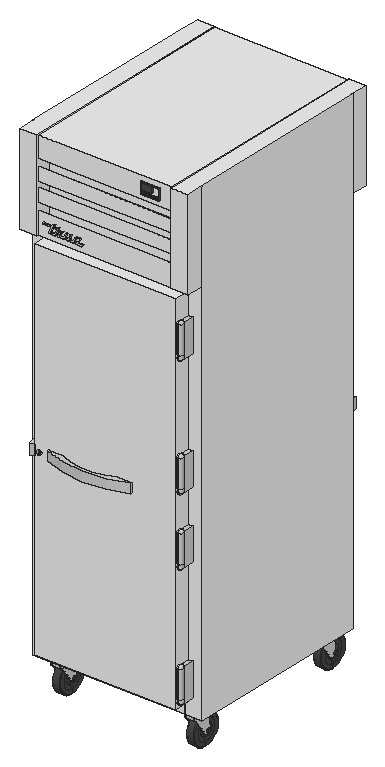
Revit family "QF_TRUE_STR1RPT-1S-1S-HC", category Specialty Equipment, Revit 2012 (continued)
Automatic sketch dimensions
  Extrusion 9 sketch curve to Extrusion 9 sketch curve = 0.15103"
  Extrusion 9 sketch curve to Extrusion 9 sketch curve = 0.10007"
  Extrusion 9 sketch curve to Extrusion 9 sketch curve = 0.5254"
  Extrusion 9 sketch curve to Extrusion 9 sketch curve = 0.14787"
  Extrusion 9 sketch curve to plane 5 "TOP" = 13.64562"
  Extrusion 9 sketch curve to Extrusion 9 sketch curve = 0.07275"
  Extrusion 9 sketch curve to Extrusion 9 sketch curve = 0.05776"
  Extrusion 9 sketch curve to Extrusion 9 sketch curve = 0.08631"
  Extrusion 9 sketch curve to Extrusion 9 sketch curve = 0.09282"
  Extrusion 9 sketch curve to Extrusion 9 sketch curve = 0.13018"
  Extrusion 9 sketch curve to Extrusion 9 sketch curve = 0.16714"
  Extrusion 9 sketch curve to Extrusion 9 sketch curve = 0.11061"
  Extrusion 9 sketch curve to Extrusion 9 sketch curve = 0.06046"
  Extrusion 9 sketch curve to Extrusion 9 sketch curve = 0.16548"
  Extrusion 9 sketch curve to Extrusion 9 sketch curve = 0.14279"
  Extrusion 9 sketch curve to Extrusion 9 sketch curve = 0.0496"
  Extrusion 9 sketch curve to Extrusion 9 sketch curve = 0.07293"
  Extrusion 9 sketch curve to Extrusion 9 sketch curve = 0.07764"
  Extrusion 9 sketch curve to Extrusion 9 sketch curve = 0.03794"
  Extrusion 9 sketch curve to Extrusion 9 sketch curve = 0.08552"
  Extrusion 9 sketch curve to Extrusion 9 sketch curve = 0.09296"
  Extrusion 9 sketch curve to Extrusion 9 sketch curve = 0.09314"
  Extrusion 9 sketch curve to Extrusion 9 sketch curve = 0.02781"
  Extrusion 9 sketch curve to Extrusion 9 sketch curve = 0.04981"
  Extrusion 9 sketch curve to Extrusion 9 sketch curve = 0.09315"
  Extrusion 9 sketch curve to Extrusion 9 sketch curve = 0.04799"
  Extrusion 9 sketch curve to Extrusion 9 sketch curve = 0.02531"
  Extrusion 9 sketch curve to Extrusion 9 sketch curve = 0.03054"
  Extrusion 9 sketch curve to Extrusion 9 sketch curve = 0.2589"
  Extrusion 9 sketch curve to Extrusion 9 sketch curve = 0.0674"
  Extrusion 9 sketch curve to Extrusion 9 sketch curve = 0.0324"
  Extrusion 9 sketch curve to Extrusion 9 sketch curve = 0.26185"
  Extrusion 9 sketch curve to Extrusion 9 sketch curve = 11/256"
  Extrusion 9 sketch curve to Extrusion 9 sketch curve = 0.07366"
  Extrusion 9 sketch curve to Extrusion 9 sketch curve = 0.02187"
  Extrusion 9 sketch curve to Extrusion 9 sketch curve = 0.06479"
  Extrusion 9 sketch curve to Extrusion 9 sketch curve = 0.01183"
  Extrusion 9 sketch curve to Extrusion 9 sketch curve = 0.05778"
  Extrusion 9 sketch curve to Extrusion 9 sketch curve = 0.53375"
  Extrusion 9 sketch curve to Extrusion 9 sketch curve = 0.23098"
  Extrusion 9 sketch curve to Extrusion 9 sketch curve = 0"
  Extrusion 9 sketch curve to Extrusion 9 sketch curve = 0.05045"
  Extrusion 9 sketch curve to Extrusion 9 sketch curve = 0.09139"
  Extrusion 9 sketch curve to Extrusion 9 sketch curve = 29/128"  (x3)
  Extrusion 10 sketch curve to plane 3 "RIGHT" = 3 1/4"
  Extrusion 10 sketch curve to plane 5 "TOP" = 2 1/8"
  plane 2 "LEFT" to Blend 11 sketch curve = 2 9/32"
  Blend 11 sketch curve to Blend 11 sketch curve = 3/4"
  plane 6 to Blend 11 sketch curve = 32.61669"
  Blend 11 sketch curve to Blend 11 sketch curve = 1 3/4"
  Blend 11 sketch curve to plane 2 "LEFT" = 2 9/32"
  Blend 11 sketch curve to Blend 11 sketch curve = 0.93223"
  Blend 11 sketch curve to plane 6 = 30.2691"
  Blend 11 sketch curve to Blend 11 sketch curve = 2.78233"
  Extrusion 12 sketch curve to plane 4 "FRONT" = 0.60979"
  Extrusion 12 sketch curve to Extrusion 12 sketch curve = 0.43503"
  Extrusion 12 sketch curve to Extrusion 12 sketch curve = 0.20453"
  Extrusion 12 sketch curve to Extrusion 12 sketch curve = 1.50065"
  Extrusion 12 sketch curve to plane 5 "TOP" = 19.57271"
  Extrusion 12 sketch curve to Extrusion 12 sketch curve = 4.39928"
  Extrusion 12 sketch curve to Extrusion 12 sketch curve = 0.71221"
  Revolve 13 sketch curve to plane 4 "FRONT" = 3/16"  (x2)
  Revolve 13 sketch curve to Revolve 13 sketch curve = 0.38242"
  Revolve 13 sketch curve to Revolve 13 sketch curve = 0.38436"
  Revolve 13 sketch curve to plane 4 "FRONT" = 0.59416"
  Revolve 13 sketch curve to Revolve 13 sketch curve = 0.40666"
  Revolve 13 sketch curve to Revolve 13 sketch curve = 0"
  Revolve 13 sketch curve to plane 5 "TOP" = 18.75492"
  Revolve 13 sketch curve to Revolve 13 sketch curve = 0.55526"
  Revolve 13 sketch curve to Revolve 13 sketch curve = 0.19474"
  Revolve 13 sketch curve to Revolve 13 sketch curve = 0.14649"
  Revolve 13 sketch curve to Revolve 13 sketch curve = 4.42889"
  Revolve 13 sketch curve to Revolve 13 sketch curve = 0.05342"
  Revolve 13 sketch curve to Revolve 13 sketch curve = 0.51246"
  Revolve 13 sketch curve to Revolve 13 sketch curve = 0.05889"
  Extrusion 14 sketch curve to plane 3 "RIGHT" = 1.88366"
  Extrusion 14 sketch curve to Extrusion 14 sketch curve = 0.39759"
  Extrusion 14 sketch curve to plane 5 "TOP" = 19.6514"
  Extrusion 14 sketch curve to Extrusion 14 sketch curve = 4.47281"
  Extrusion 15 sketch curve to plane 4 "FRONT" = 0.60979"
  Extrusion 15 sketch curve to Extrusion 15 sketch curve = 0.43503"
  Extrusion 15 sketch curve to Extrusion 15 sketch curve = 0.20453"
  Extrusion 15 sketch curve to Extrusion 15 sketch curve = 1.50065"
  plane 6 to Extrusion 15 sketch curve = 38.92729"
  Extrusion 15 sketch curve to Extrusion 15 sketch curve = 4.39928"
  Extrusion 15 sketch curve to Extrusion 15 sketch curve = 0.71221"
  Revolve 16 sketch curve to plane 4 "FRONT" = 3/16"  (x2)
  Revolve 16 sketch curve to Revolve 16 sketch curve = 0.38242"
  Revolve 16 sketch curve to Revolve 16 sketch curve = 0.38436"
  Revolve 16 sketch curve to plane 4 "FRONT" = 0.59416"
  Revolve 16 sketch curve to Revolve 16 sketch curve = 0.40666"
  Revolve 16 sketch curve to Revolve 16 sketch curve = 0"
  Revolve 16 sketch curve to plane 5 "TOP" = 38.25492"
  Revolve 16 sketch curve to Revolve 16 sketch curve = 0.55526"
  Revolve 16 sketch curve to Revolve 16 sketch curve = 0.19474"
  Revolve 16 sketch curve to Revolve 16 sketch curve = 0.14649"
  Revolve 16 sketch curve to Revolve 16 sketch curve = 4.42889"
  Revolve 16 sketch curve to Revolve 16 sketch curve = 0.05342"
  Revolve 16 sketch curve to Revolve 16 sketch curve = 0.51246"
  Revolve 16 sketch curve to Revolve 16 sketch curve = 0.05889"
  Extrusion 17 sketch curve to plane 3 "RIGHT" = 1.88366"
  Extrusion 17 sketch curve to Extrusion 17 sketch curve = 0.39759"
  plane 6 to Extrusion 17 sketch curve = 38.8486"
  Extrusion 17 sketch curve to Extrusion 17 sketch curve = 4.47281"
  Extrusion 18 sketch curve to plane 4 "FRONT" = 0.60979"
  Extrusion 18 sketch curve to Extrusion 18 sketch curve = 0.43503"
  Extrusion 18 sketch curve to Extrusion 18 sketch curve = 0.20453"
  Extrusion 18 sketch curve to Extrusion 18 sketch curve = 1.50065"
  plane 6 to Extrusion 18 sketch curve = 27.92729"
  Extrusion 18 sketch curve to Extrusion 18 sketch curve = 4.39928"
  Extrusion 18 sketch curve to Extrusion 18 sketch curve = 0.71221"
  Revolve 19 sketch curve to plane 4 "FRONT" = 3/16"  (x2)
  Revolve 19 sketch curve to Revolve 19 sketch curve = 0.38242"
  Revolve 19 sketch curve to Revolve 19 sketch curve = 0.38436"
  Revolve 19 sketch curve to plane 4 "FRONT" = 0.59416"
  Revolve 19 sketch curve to Revolve 19 sketch curve = 0.40666"
  Revolve 19 sketch curve to Revolve 19 sketch curve = 0"
  plane 6 to Revolve 19 sketch curve = 28.74508"
  Revolve 19 sketch curve to Revolve 19 sketch curve = 0.55526"
  Revolve 19 sketch curve to Revolve 19 sketch curve = 0.19474"
  Revolve 19 sketch curve to Revolve 19 sketch curve = 0.14649"
  Revolve 19 sketch curve to Revolve 19 sketch curve = 4.42889"
  Revolve 19 sketch curve to Revolve 19 sketch curve = 0.05342"
  Revolve 19 sketch curve to Revolve 19 sketch curve = 0.51246"
  Revolve 19 sketch curve to Revolve 19 sketch curve = 0.05889"
  Extrusion 20 sketch curve to plane 3 "RIGHT" = 1.88366"
  Extrusion 20 sketch curve to Extrusion 20 sketch curve = 0.39759"
  plane 6 to Extrusion 20 sketch curve = 27.8486"
  Extrusion 20 sketch curve to Extrusion 20 sketch curve = 4.47281"
  Extrusion 21 sketch curve to plane 4 "FRONT" = 0.60979"
  Extrusion 21 sketch curve to Extrusion 21 sketch curve = 0.43503"
  Extrusion 21 sketch curve to Extrusion 21 sketch curve = 0.20453"
  Extrusion 21 sketch curve to Extrusion 21 sketch curve = 1.50065"
  plane 6 to Extrusion 21 sketch curve = 8.17729"
  plane 6 to Extrusion 21 sketch curve = 3.57348"
  Extrusion 21 sketch curve to Extrusion 21 sketch curve = 0.75105"
  Revolve 22 sketch curve to plane 4 "FRONT" = 3/16"  (x2)
  Revolve 22 sketch curve to Revolve 22 sketch curve = 0.38242"
  Revolve 22 sketch curve to Revolve 22 sketch curve = 0.38436"
  Revolve 22 sketch curve to plane 4 "FRONT" = 0.59416"
  Revolve 22 sketch curve to Revolve 22 sketch curve = 0.40666"
  Revolve 22 sketch curve to Revolve 22 sketch curve = 0"
  plane 6 to Revolve 22 sketch curve = 8.99508"
  Revolve 22 sketch curve to Revolve 22 sketch curve = 0.55526"
  Revolve 22 sketch curve to Revolve 22 sketch curve = 0.19474"
  Revolve 22 sketch curve to Revolve 22 sketch curve = 0.14649"
  plane 6 to Revolve 22 sketch curve = 3.62689"
  Revolve 22 sketch curve to Revolve 22 sketch curve = 0.05342"
  Revolve 22 sketch curve to Revolve 22 sketch curve = 0.51246"
  Revolve 22 sketch curve to Revolve 22 sketch curve = 0.05889"
  Extrusion 23 sketch curve to plane 3 "RIGHT" = 1.88366"
  Extrusion 23 sketch curve to Extrusion 23 sketch curve = 0.39759"
  plane 6 to Extrusion 23 sketch curve = 8.0986"
  plane 6 to Extrusion 23 sketch curve = 3.62579"
  Revolve 24 sketch curve to plane 3 "RIGHT" = 4.35148"
  Revolve 24 sketch curve to Revolve 24 sketch curve = 0.48273"
  Revolve 24 sketch curve to Revolve 24 sketch curve = 0.4"
  Revolve 24 sketch curve to Revolve 24 sketch curve = 0"  (x2)
  Revolve 24 sketch curve to Revolve 24 sketch curve = 0.1"  (x2)
  Revolve 24 sketch curve to Revolve 24 sketch curve = 0.16101"
  Revolve 24 sketch curve to Revolve 24 sketch curve = 0.75408"
  Revolve 24 sketch curve to Revolve 24 sketch curve = 0.92798"
  Revolve 24 sketch curve to Revolve 24 sketch curve = 0.06101"
  Revolve 24 sketch curve to Revolve 24 sketch curve = 1/2"
  Revolve 24 sketch curve to Revolve 24 sketch curve = 0.16509"
  Revolve 24 sketch curve to Revolve 24 sketch curve = 0.39592"
  level to Revolve 24 sketch curve = 2 1/2"
  Revolve 24 sketch curve to Revolve 24 sketch curve = 0.29941"  (x2)
  Revolve 24 sketch curve to Revolve 24 sketch curve = 3/4"  (x4)
  Revolve 24 sketch curve to Revolve 24 sketch curve = 0.59652"
  Revolve 24 sketch curve to Revolve 24 sketch curve = 0.60059"
  Extrusion 25 sketch curve to plane 6 = 0.63926"  (x2)
  Extrusion 25 sketch curve to plane 4 "FRONT" = 3.79864"
  Extrusion 25 sketch curve to Extrusion 25 sketch curve = 1/4"  (x2)
  level to Extrusion 25 sketch curve = 2.18736"  (x2)
  Extrusion 25 sketch curve to Extrusion 25 sketch curve = 1.7492"  (x2)
  Extrusion 25 sketch curve to Extrusion 25 sketch curve = 0.50669"  (x2)
  Extrusion 25 sketch curve to Extrusion 25 sketch curve = 2 1/2"  (x2)
  level to Extrusion 25 sketch curve = 2.59003"  (x2)
  Extrusion 25 sketch curve to Extrusion 25 sketch curve = 0.59966"  (x2)
  plane 8 to Extrusion 25 sketch curve = 6.82645"
  Extrusion 25 sketch curve to Extrusion 25 sketch curve = 0.60485"  (x2)
  Extrusion 26 sketch curve to plane 6 = 0.63926"  (x2)
  Extrusion 26 sketch curve to plane 4 "FRONT" = 3.79864"
  Extrusion 26 sketch curve to Extrusion 26 sketch curve = 1/4"  (x2)
  level to Extrusion 26 sketch curve = 2.18736"  (x2)
  Extrusion 26 sketch curve to Extrusion 26 sketch curve = 1.7492"  (x2)
  Extrusion 26 sketch curve to Extrusion 26 sketch curve = 0.50669"  (x2)
  Extrusion 26 sketch curve to Extrusion 26 sketch curve = 2 1/2"  (x2)
  level to Extrusion 26 sketch curve = 2.59003"  (x2)
  Extrusion 26 sketch curve to Extrusion 26 sketch curve = 0.59966"  (x2)
  plane 8 to Extrusion 26 sketch curve = 6.82645"
  Extrusion 26 sketch curve to Extrusion 26 sketch curve = 0.60485"  (x2)
  Revolve 27 sketch curve to plane 6 = 0.62954"
  Revolve 27 sketch curve to plane 3 "RIGHT" = 4.14082"
  Revolve 27 sketch curve to Revolve 27 sketch curve = 1.29707"
  Revolve 27 sketch curve to Revolve 27 sketch curve = 0"
  Revolve 27 sketch curve to Revolve 27 sketch curve = 0.10278"
  Revolve 27 sketch curve to plane 6 = 0.00141"
  plane 6 to Revolve 27 sketch curve = 0.26768"
  Revolve 28 sketch curve to level = 0"
  Revolve 28 sketch curve to plane 6 = 0"
  Revolve 28 sketch curve to plane 3 "RIGHT" = 4.17713"
  level to Revolve 28 sketch curve = 1"
  Revolve 28 sketch curve to plane 3 "RIGHT" = 3 19/32"
  Revolve 28 sketch curve to Revolve 28 sketch curve = 1/4"
  Revolve 28 sketch curve to Revolve 28 sketch curve = 1/2"
  Revolve 28 sketch curve to Revolve 28 sketch curve = 0"
  Revolve 28 sketch curve to Revolve 28 sketch curve = 5/8"
  plane 6 to Revolve 28 sketch curve = 1 25/32"
  Revolve 29 sketch curve to level = 0"
  Revolve 29 sketch curve to plane 6 = 0"
  Revolve 29 sketch curve to plane 3 "RIGHT" = 4.17713"
  level to Revolve 29 sketch curve = 1"
  Revolve 29 sketch curve to plane 3 "RIGHT" = 3 19/32"
  Revolve 29 sketch curve to Revolve 29 sketch curve = 1/4"
  Revolve 29 sketch curve to Revolve 29 sketch curve = 1/2"
  Revolve 29 sketch curve to Revolve 29 sketch curve = 0"
  Revolve 29 sketch curve to Revolve 29 sketch curve = 5/8"
  plane 6 to Revolve 29 sketch curve = 1 25/32"
  Revolve 30 sketch curve to plane 6 = 0.62954"
  Revolve 30 sketch curve to plane 3 "RIGHT" = 4.14082"
  Revolve 30 sketch curve to Revolve 30 sketch curve = 1.29707"
  Revolve 30 sketch curve to Revolve 30 sketch curve = 0"
  Revolve 30 sketch curve to Revolve 30 sketch curve = 0.10278"
  Revolve 30 sketch curve to plane 6 = 0.00141"
  plane 6 to Revolve 30 sketch curve = 0.26768"
  Extrusion 31 sketch curve to plane 6 = 0.63926"  (x2)
  Extrusion 31 sketch curve to plane 4 "FRONT" = 3.79864"
  Extrusion 31 sketch curve to Extrusion 31 sketch curve = 1/4"  (x2)
  Extrusion 31 sketch curve to Extrusion 31 sketch curve = 2 1/2"  (x2)
  Extrusion 31 sketch curve to plane 6 = 0.93273"  (x2)
  Extrusion 31 sketch curve to Extrusion 31 sketch curve = 0.03603"
  plane 8 to Extrusion 31 sketch curve = 6.82645"
  Extrusion 31 sketch curve to plane 6 = 1.24411"
  plane 2 "LEFT" to Revolve 32 sketch curve = 1.33602"
  Revolve 32 sketch curve to Revolve 32 sketch curve = 0.48273"
  Revolve 32 sketch curve to Revolve 32 sketch curve = 0.4"
  Revolve 32 sketch curve to Revolve 32 sketch curve = 0"  (x2)
  Revolve 32 sketch curve to Revolve 32 sketch curve = 0.1"  (x2)
  Revolve 32 sketch curve to Revolve 32 sketch curve = 0.16101"
  Revolve 32 sketch curve to Revolve 32 sketch curve = 0.75408"
  Revolve 32 sketch curve to Revolve 32 sketch curve = 0.92798"
  Revolve 32 sketch curve to Revolve 32 sketch curve = 0.06101"
  Revolve 32 sketch curve to Revolve 32 sketch curve = 1/2"
  Revolve 32 sketch curve to Revolve 32 sketch curve = 0.16509"
  Revolve 32 sketch curve to Revolve 32 sketch curve = 0.39592"
  level to Revolve 32 sketch curve = 2 1/2"
  Revolve 32 sketch curve to Revolve 32 sketch curve = 0.29941"  (x2)
  Revolve 32 sketch curve to Revolve 32 sketch curve = 3/4"  (x4)
  Revolve 32 sketch curve to Revolve 32 sketch curve = 0.59652"
  Revolve 32 sketch curve to Revolve 32 sketch curve = 0.60059"
  Extrusion 33 sketch curve to plane 6 = 0.63926"  (x2)
  Extrusion 33 sketch curve to plane 4 "FRONT" = 3.79864"
  Extrusion 33 sketch curve to Extrusion 33 sketch curve = 1/4"  (x2)
  level to Extrusion 33 sketch curve = 2.18736"  (x2)
  Extrusion 33 sketch curve to Extrusion 33 sketch curve = 1.7492"  (x2)
  Extrusion 33 sketch curve to Extrusion 33 sketch curve = 0.50669"  (x2)
  Extrusion 33 sketch curve to Extrusion 33 sketch curve = 2 1/2"  (x2)
  level to Extrusion 33 sketch curve = 2.59003"  (x2)
  Extrusion 33 sketch curve to Extrusion 33 sketch curve = 0.59966"  (x2)
  plane 8 to Extrusion 33 sketch curve = 6.82645"
  Extrusion 33 sketch curve to Extrusion 33 sketch curve = 0.60485"  (x2)
  Extrusion 34 sketch curve to plane 6 = 0.63926"  (x2)
  Extrusion 34 sketch curve to plane 4 "FRONT" = 3.79864"
  Extrusion 34 sketch curve to Extrusion 34 sketch curve = 1/4"  (x2)
  level to Extrusion 34 sketch curve = 2.18736"  (x2)
  Extrusion 34 sketch curve to Extrusion 34 sketch curve = 1.7492"  (x2)
  Extrusion 34 sketch curve to Extrusion 34 sketch curve = 0.50669"  (x2)
  Extrusion 34 sketch curve to Extrusion 34 sketch curve = 2 1/2"  (x2)
  level to Extrusion 34 sketch curve = 2.59003"  (x2)
  Extrusion 34 sketch curve to Extrusion 34 sketch curve = 0.59966"  (x2)
  plane 8 to Extrusion 34 sketch curve = 6.82645"
  Extrusion 34 sketch curve to Extrusion 34 sketch curve = 0.60485"  (x2)
  Revolve 35 sketch curve to plane 6 = 0.62954"
  plane 2 "LEFT" to Revolve 35 sketch curve = 1.54668"
  Revolve 35 sketch curve to Revolve 35 sketch curve = 1.29707"
  Revolve 35 sketch curve to Revolve 35 sketch curve = 0"
  Revolve 35 sketch curve to Revolve 35 sketch curve = 0.10278"
  Revolve 35 sketch curve to plane 6 = 0.00141"
  plane 6 to Revolve 35 sketch curve = 0.26768"
  Revolve 36 sketch curve to level = 0"
  Revolve 36 sketch curve to plane 6 = 0"
  plane 2 "LEFT" to Revolve 36 sketch curve = 1.51037"
  level to Revolve 36 sketch curve = 1"
  plane 2 "LEFT" to Revolve 36 sketch curve = 2 3/32"
  Revolve 36 sketch curve to Revolve 36 sketch curve = 1/4"
  Revolve 36 sketch curve to Revolve 36 sketch curve = 1/2"
  Revolve 36 sketch curve to Revolve 36 sketch curve = 0"
  Revolve 36 sketch curve to Revolve 36 sketch curve = 5/8"
  plane 6 to Revolve 36 sketch curve = 1 25/32"
  Revolve 37 sketch curve to level = 0"
  Revolve 37 sketch curve to plane 6 = 0"
  plane 2 "LEFT" to Revolve 37 sketch curve = 1.51037"
  level to Revolve 37 sketch curve = 1"
  plane 2 "LEFT" to Revolve 37 sketch curve = 2 3/32"
  Revolve 37 sketch curve to Revolve 37 sketch curve = 1/4"
  Revolve 37 sketch curve to Revolve 37 sketch curve = 1/2"
  Revolve 37 sketch curve to Revolve 37 sketch curve = 0"
  Revolve 37 sketch curve to Revolve 37 sketch curve = 5/8"
  plane 6 to Revolve 37 sketch curve = 1 25/32"
  Revolve 38 sketch curve to plane 6 = 0.62954"
  plane 2 "LEFT" to Revolve 38 sketch curve = 1.54668"
  Revolve 38 sketch curve to Revolve 38 sketch curve = 1.29707"
  Revolve 38 sketch curve to Revolve 38 sketch curve = 0"
  Revolve 38 sketch curve to Revolve 38 sketch curve = 0.10278"
  Revolve 38 sketch curve to plane 6 = 0.00141"
  plane 6 to Revolve 38 sketch curve = 0.26768"
  Extrusion 39 sketch curve to plane 6 = 0.63926"  (x2)
  Extrusion 39 sketch curve to plane 4 "FRONT" = 3.79864"
  Extrusion 39 sketch curve to Extrusion 39 sketch curve = 1/4"  (x2)
  Extrusion 39 sketch curve to Extrusion 39 sketch curve = 2 1/2"  (x2)
  Extrusion 39 sketch curve to plane 6 = 0.93273"  (x2)
  Extrusion 39 sketch curve to Extrusion 39 sketch curve = 0.03603"
  plane 8 to Extrusion 39 sketch curve = 6.82645"
  Extrusion 39 sketch curve to plane 6 = 1.24411"
  plane 2 "LEFT" to Extrusion 40 sketch curve = 2 9/32"
  Extrusion 40 sketch curve to plane 3 "RIGHT" = 2 9/32"
  Extrusion 40 sketch curve to plane 5 "TOP" = 16 5/32"
  plane 6 to Extrusion 40 sketch curve = 1 29/32"
  plane 8 to Extrusion 41 sketch curve = 0"
  Extrusion 41 sketch curve to plane 3 "RIGHT" = 2 55/64"
  Extrusion 41 sketch curve to plane 3 "RIGHT" = 3/64"
  Extrusion 41 sketch curve to Extrusion 41 sketch curve = 2 3/4"
  plane 8 to Extrusion 42 sketch curve = 0"
  plane 2 "LEFT" to Extrusion 42 sketch curve = 3/64"
  Extrusion 42 sketch curve to Extrusion 42 sketch curve = 2 13/16"
  Extrusion 42 sketch curve to Extrusion 42 sketch curve = 3.0792"
  plane 8 to Extrusion 43 sketch curve = 0.60979"
  Extrusion 43 sketch curve to Extrusion 43 sketch curve = 0.43503"
  Extrusion 43 sketch curve to Extrusion 43 sketch curve = 0.20453"
  Extrusion 43 sketch curve to Extrusion 43 sketch curve = 1.50065"
  Extrusion 43 sketch curve to plane 5 "TOP" = 19.57271"
  Extrusion 43 sketch curve to Extrusion 43 sketch curve = 4.39928"
  Extrusion 43 sketch curve to Extrusion 43 sketch curve = 0.71221"
  plane 8 to Revolve 44 sketch curve = 3/16"  (x2)
  Revolve 44 sketch curve to Revolve 44 sketch curve = 0.38242"
  Revolve 44 sketch curve to Revolve 44 sketch curve = 0.38436"
  plane 8 to Revolve 44 sketch curve = 0.59416"
  Revolve 44 sketch curve to Revolve 44 sketch curve = 0.40666"
  Revolve 44 sketch curve to Revolve 44 sketch curve = 0"
  Revolve 44 sketch curve to plane 5 "TOP" = 18.75492"
  Revolve 44 sketch curve to Revolve 44 sketch curve = 0.55526"
  Revolve 44 sketch curve to Revolve 44 sketch curve = 0.19474"
  Revolve 44 sketch curve to Revolve 44 sketch curve = 0.14649"
  Revolve 44 sketch curve to Revolve 44 sketch curve = 4.42889"
  Revolve 44 sketch curve to Revolve 44 sketch curve = 0.05342"
  Revolve 44 sketch curve to Revolve 44 sketch curve = 0.51246"
  Revolve 44 sketch curve to Revolve 44 sketch curve = 0.05889"
  plane 2 "LEFT" to Extrusion 45 sketch curve = 1.88366"
  Extrusion 45 sketch curve to Extrusion 45 sketch curve = 0.39759"
  Extrusion 45 sketch curve to plane 5 "TOP" = 19.6514"
  Extrusion 45 sketch curve to Extrusion 45 sketch curve = 4.47281"
  plane 8 to Extrusion 46 sketch curve = 0.60979"
  Extrusion 46 sketch curve to Extrusion 46 sketch curve = 0.43503"
  Extrusion 46 sketch curve to Extrusion 46 sketch curve = 0.20453"
  Extrusion 46 sketch curve to Extrusion 46 sketch curve = 1.50065"
  plane 6 to Extrusion 46 sketch curve = 38.92729"
  Extrusion 46 sketch curve to Extrusion 46 sketch curve = 4.39928"
  Extrusion 46 sketch curve to Extrusion 46 sketch curve = 0.71221"
  plane 8 to Revolve 47 sketch curve = 3/16"  (x2)
  Revolve 47 sketch curve to Revolve 47 sketch curve = 0.38242"
  Revolve 47 sketch curve to Revolve 47 sketch curve = 0.38436"
  plane 8 to Revolve 47 sketch curve = 0.59416"
  Revolve 47 sketch curve to Revolve 47 sketch curve = 0.40666"
  Revolve 47 sketch curve to Revolve 47 sketch curve = 0"
  Revolve 47 sketch curve to plane 5 "TOP" = 38.25492"
  Revolve 47 sketch curve to Revolve 47 sketch curve = 0.55526"
  Revolve 47 sketch curve to Revolve 47 sketch curve = 0.19474"
  Revolve 47 sketch curve to Revolve 47 sketch curve = 0.14649"
  Revolve 47 sketch curve to Revolve 47 sketch curve = 4.42889"
  Revolve 47 sketch curve to Revolve 47 sketch curve = 0.05342"
  Revolve 47 sketch curve to Revolve 47 sketch curve = 0.51246"
  Revolve 47 sketch curve to Revolve 47 sketch curve = 0.05889"
  plane 2 "LEFT" to Extrusion 48 sketch curve = 1.88366"
  Extrusion 48 sketch curve to Extrusion 48 sketch curve = 0.39759"
  plane 6 to Extrusion 48 sketch curve = 38.8486"
  Extrusion 48 sketch curve to Extrusion 48 sketch curve = 4.47281"
  plane 8 to Extrusion 49 sketch curve = 0.60979"
  Extrusion 49 sketch curve to Extrusion 49 sketch curve = 0.43503"
  Extrusion 49 sketch curve to Extrusion 49 sketch curve = 0.20453"
  Extrusion 49 sketch curve to Extrusion 49 sketch curve = 1.50065"
  plane 6 to Extrusion 49 sketch curve = 27.92729"
  Extrusion 49 sketch curve to Extrusion 49 sketch curve = 4.39928"
  Extrusion 49 sketch curve to Extrusion 49 sketch curve = 0.71221"
  plane 8 to Revolve 50 sketch curve = 3/16"  (x2)
  Revolve 50 sketch curve to Revolve 50 sketch curve = 0.38242"
  Revolve 50 sketch curve to Revolve 50 sketch curve = 0.38436"
  plane 8 to Revolve 50 sketch curve = 0.59416"
  Revolve 50 sketch curve to Revolve 50 sketch curve = 0.40666"
  Revolve 50 sketch curve to Revolve 50 sketch curve = 0"
  plane 6 to Revolve 50 sketch curve = 28.74508"
  Revolve 50 sketch curve to Revolve 50 sketch curve = 0.55526"
  Revolve 50 sketch curve to Revolve 50 sketch curve = 0.19474"
  Revolve 50 sketch curve to Revolve 50 sketch curve = 0.14649"
  Revolve 50 sketch curve to Revolve 50 sketch curve = 4.42889"
  Revolve 50 sketch curve to Revolve 50 sketch curve = 0.05342"
  Revolve 50 sketch curve to Revolve 50 sketch curve = 0.51246"
  Revolve 50 sketch curve to Revolve 50 sketch curve = 0.05889"
  plane 2 "LEFT" to Extrusion 51 sketch curve = 1.88366"
  Extrusion 51 sketch curve to Extrusion 51 sketch curve = 0.39759"
  plane 6 to Extrusion 51 sketch curve = 27.8486"
  Extrusion 51 sketch curve to Extrusion 51 sketch curve = 4.47281"
  plane 8 to Extrusion 52 sketch curve = 0.60979"
  Extrusion 52 sketch curve to Extrusion 52 sketch curve = 0.43503"
  Extrusion 52 sketch curve to Extrusion 52 sketch curve = 0.20453"
  Extrusion 52 sketch curve to Extrusion 52 sketch curve = 1.50065"
  plane 6 to Extrusion 52 sketch curve = 8.17729"
  plane 6 to Extrusion 52 sketch curve = 3.57348"
  Extrusion 52 sketch curve to Extrusion 52 sketch curve = 0.71221"
  plane 8 to Revolve 53 sketch curve = 3/16"  (x2)
  Revolve 53 sketch curve to Revolve 53 sketch curve = 0.38242"
  Revolve 53 sketch curve to Revolve 53 sketch curve = 0.38436"
  plane 8 to Revolve 53 sketch curve = 0.59416"
  Revolve 53 sketch curve to Revolve 53 sketch curve = 0.40666"
  Revolve 53 sketch curve to Revolve 53 sketch curve = 0"
  plane 6 to Revolve 53 sketch curve = 8.99508"
  Revolve 53 sketch curve to Revolve 53 sketch curve = 0.55526"
  Revolve 53 sketch curve to Revolve 53 sketch curve = 0.19474"
  Revolve 53 sketch curve to Revolve 53 sketch curve = 0.14649"
  plane 6 to Revolve 53 sketch curve = 3.62689"
  Revolve 53 sketch curve to Revolve 53 sketch curve = 0.05342"
  Revolve 53 sketch curve to Revolve 53 sketch curve = 0.51246"
  Revolve 53 sketch curve to Revolve 53 sketch curve = 0.05889"
  plane 2 "LEFT" to Extrusion 54 sketch curve = 1.88366"
  Extrusion 54 sketch curve to Extrusion 54 sketch curve = 0.39759"
  plane 6 to Extrusion 54 sketch curve = 8.0986"
  plane 6 to Extrusion 54 sketch curve = 3.62579"
  Extrusion 55 sketch curve to Extrusion 40 = 217/256"
  Extrusion 55 sketch curve to Extrusion 55 sketch curve = 9/256"
  Extrusion 55 sketch curve to Extrusion 55 sketch curve = 0.0555"
  Extrusion 55 sketch curve to Extrusion 40 = 29.6176"
  Extrusion 55 sketch curve to Extrusion 55 sketch curve = 0.27385"
  Extrusion 55 sketch curve to Extrusion 55 sketch curve = 0.29355"
  Blend 56 sketch curve to plane 3 "RIGHT" = 2 9/32"  (x2)
  Blend 56 sketch curve to Blend 56 sketch curve = 3/4"
  plane 6 to Blend 56 sketch curve = 32.17919"
  Blend 56 sketch curve to Blend 56 sketch curve = 1 3/4"
  Blend 56 sketch curve to Blend 56 sketch curve = 0.93223"
  plane 6 to Blend 56 sketch curve = 32.61393"
  Blend 56 sketch curve to Blend 56 sketch curve = 2.78233"
  Extrusion 57 sketch curve to plane 5 "TOP" = 2.55982"
  Extrusion 57 sketch curve to plane 3 "RIGHT" = 7.75585"
  Extrusion 57 sketch curve to Extrusion 57 sketch curve = 2 29/32"
  Extrusion 57 sketch curve to plane 5 "TOP" = 13/16"
  Extrusion 58 sketch curve to plane 5 "TOP" = 3/4"
  Extrusion 58 sketch curve to plane 3 "RIGHT" = 7.81835"
  Extrusion 58 sketch curve to Extrusion 58 sketch curve = 1/16"  (x4)
  Extrusion 58 sketch curve to Extrusion 58 sketch curve = 0.1375"  (x2)
  Extrusion 58 sketch curve to Extrusion 58 sketch curve = 1/4"  (x4)
  Extrusion 58 sketch curve to Extrusion 58 sketch curve = 0.44601"
  Extrusion 58 sketch curve to Extrusion 58 sketch curve = 1/2"  (x2)
  Extrusion 58 sketch curve to Extrusion 58 sketch curve = 0.0035"
  Extrusion 58 sketch curve to Extrusion 58 sketch curve = 1.06923"
  Extrusion 58 sketch curve to plane 5 "TOP" = 0.95"
  Extrusion 58 sketch curve to Extrusion 58 sketch curve = 1"
  Extrusion 58 sketch curve to Extrusion 58 sketch curve = 0.34106"  (x3)
  Extrusion 58 sketch curve to Extrusion 58 sketch curve = 0"
  Extrusion 58 sketch curve to Extrusion 58 sketch curve = 0.26876"
  Revolve 59 sketch curve to plane 3 "RIGHT" = 4.35148"
  Revolve 59 sketch curve to Revolve 59 sketch curve = 0.48273"
  Revolve 59 sketch curve to Revolve 59 sketch curve = 0.4"
  Revolve 59 sketch curve to Revolve 59 sketch curve = 0"  (x2)
  Revolve 59 sketch curve to Revolve 59 sketch curve = 0.1"  (x2)
  Revolve 59 sketch curve to Revolve 59 sketch curve = 0.16101"
  Revolve 59 sketch curve to Revolve 59 sketch curve = 0.75408"
  Revolve 59 sketch curve to Revolve 59 sketch curve = 0.92798"
  Revolve 59 sketch curve to Revolve 59 sketch curve = 0.06101"
  Revolve 59 sketch curve to Revolve 59 sketch curve = 1/2"
  Revolve 59 sketch curve to Revolve 59 sketch curve = 0.16509"
  Revolve 59 sketch curve to Revolve 59 sketch curve = 0.39592"
  level to Revolve 59 sketch curve = 2 1/2"
  Revolve 59 sketch curve to Revolve 59 sketch curve = 0.29941"  (x2)
  Revolve 59 sketch curve to Revolve 59 sketch curve = 3/4"  (x4)
  Revolve 59 sketch curve to Revolve 59 sketch curve = 0.59652"
  Revolve 59 sketch curve to Revolve 59 sketch curve = 0.60059"
  plane 2 "LEFT" to Revolve 60 sketch curve = 1.33602"
  Revolve 60 sketch curve to Revolve 60 sketch curve = 0.48273"
  Revolve 60 sketch curve to Revolve 60 sketch curve = 0.4"
  Revolve 60 sketch curve to Revolve 60 sketch curve = 0"  (x2)
  Revolve 60 sketch curve to Revolve 60 sketch curve = 0.1"  (x2)
  Revolve 60 sketch curve to Revolve 60 sketch curve = 0.16101"
  Revolve 60 sketch curve to Revolve 60 sketch curve = 0.75408"
  Revolve 60 sketch curve to Revolve 60 sketch curve = 0.92798"
  Revolve 60 sketch curve to Revolve 60 sketch curve = 0.06101"
  Revolve 60 sketch curve to Revolve 60 sketch curve = 1/2"
  Revolve 60 sketch curve to Revolve 60 sketch curve = 0.16509"
  Revolve 60 sketch curve to Revolve 60 sketch curve = 0.39592"
  level to Revolve 60 sketch curve = 2 1/2"
  Revolve 60 sketch curve to Revolve 60 sketch curve = 0.29941"  (x2)
  Revolve 60 sketch curve to Revolve 60 sketch curve = 3/4"  (x4)
  Revolve 60 sketch curve to Revolve 60 sketch curve = 0.59652"
  Revolve 60 sketch curve to Revolve 60 sketch curve = 0.60059"
  plane 8 to Extrusion 61 sketch curve = 0.10328"
  plane 2 "LEFT" to Extrusion 61 sketch curve = 2.27195"
  Extrusion 61 sketch curve to plane 4 "FRONT" = 3/16"
  plane 2 "LEFT" to Extrusion 61 sketch curve = 2.28117"
  plane 2 "LEFT" to Extrusion 61 sketch curve = 2 9/32"
  Extrusion 61 sketch curve to plane 3 "RIGHT" = 2 9/32"
  plane 8 to Extrusion 61 sketch curve = 3/16"
  Extrusion 61 sketch curve to plane 3 "RIGHT" = 2.28117"
  Extrusion 61 sketch curve to Extrusion 61 sketch curve = 0.0093"
  Extrusion 61 sketch curve to Extrusion 61 sketch curve = 0.08422"
  plane 2 "LEFT" to Extrusion 62 sketch curve = 2 27/32"
  Extrusion 62 sketch curve to plane 4 "FRONT" = 5 3/16"
  plane 2 "LEFT" to Extrusion 63 sketch curve = 2 27/32"
  plane 8 to Extrusion 63 sketch curve = 5.06602"
  Extrusion 64 sketch curve to plane 3 "RIGHT" = 2 27/32"
  plane 8 to Extrusion 64 sketch curve = 5.06602"
  Extrusion 65 sketch curve to plane 3 "RIGHT" = 2 27/32"
  Extrusion 65 sketch curve to plane 4 "FRONT" = 5 3/16"
  curve 10 to curve 44 = 4.33749"
  curve 44 to curve 43 = 2.67504"
  curve 43 to curve 15 = 6.18406"
  curve 42 to curve 43 = 0"
  plane 8 to curve 43 = 0"
  curve 42 to plane 8 = 0.02469"
  curve 42 to curve 23 = 5/8"
  curve 34 to curve 42 = 7.53131"
  curve 15 to curve 43 = 0.61363"
  plane 8 to Extrusion 66 sketch curve = 3/16"  (x2)
  Extrusion 66 sketch curve to plane 3 "RIGHT" = 4 9/16"
  Extrusion 66 sketch curve to Extrusion 66 sketch curve = 2.37851"  (x2)
  Extrusion 66 sketch curve to Extrusion 66 sketch curve = 4.42149"
  Extrusion 66 sketch curve to Extrusion 66 sketch curve = 0"
  Extrusion 66 sketch curve to plane 8 = 0.02469"
  plane 8 to Extrusion 66 sketch curve = 6.85185"
  Extrusion 66 sketch curve to Extrusion 66 sketch curve = 6.4781"
  radius of Extrusion 8 sketch curve = 0.35"
  radius of Extrusion 10 sketch curve = 1/4"
  radius of Extrusion 55 sketch curve = 0.35"
  radius of Extrusion 62 sketch curve = 1 1/2"
  radius of Extrusion 63 sketch curve = 1 1/2"
  radius of Extrusion 64 sketch curve = 1 1/2"
  radius of Extrusion 65 sketch curve = 1 1/2"
Connectors (in)
  electrical at (24.25, 2.48221, 82), driven by "Volts", driven by "Watts"
    settings: on Extrusion 10, index 1, voltage 115 V, apparent load 437 VA, apparent load phase1 0 VA, apparent load phase2 0 VA, apparent load phase3 0 VA, power factor 1, load classification "Other", number of poles 1, system type 30, power factor state 1, is connector primary yes, connector utility no, sub classification motor no, connector description "ELECTRICAL CONNECTION"
